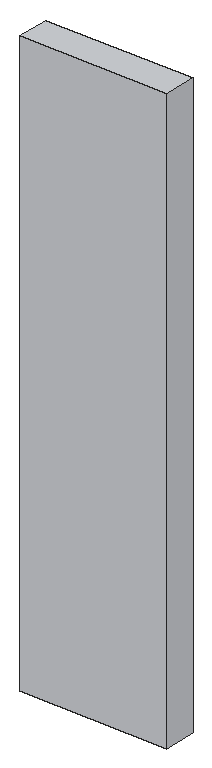
Revit family "CVC_Radiateur_Finimetal_Reggane-3000", category Equipement de génie climatique, Revit 2026
Family settings
  Cote de connecteur circulaire = Utiliser le diamètre
  Type d'élément = Normal
  Basée sur le plan de construction = Non
  Toujours verticalement = Oui
  Couper avec des vides une fois chargée = Non
  Conserver l'orientation des annotations = Non
  Partagée = Non
  Repère de localisation dans la pièce = Non
Parameters (values of type "20 V")
  Source = "CCTP lot 12 § 4.8.1"
  Modèle = "Reggane 3000"
  Fabricant = "Finimetal"
  Elévation par défaut = 0 mm
  Description = "Radiateur vertical (horizontaux : Finimetal panneau acier ≤ 170 mm)"
  Caractéristiques CCTP = "Panneau acier vertical double"
  A vérifier = "Largeur/hauteur selon la puissance de chaque local"
Types (2, lengths in mm): name | Caractéristiques CCTP
  10 V | "Panneau acier vertical simple"
  20 V | "Panneau acier vertical double"
Reference planes
  plane 1 "Centre (avant/arrière)": y = 0
  plane 2: z = 0
  plane 3 "Centre (gauche/droite)": x = 0
Forms (mm)
  Extrusion 1, solid
    sketch origin (0, 0, 0) x (1, 0, 0) y (0, 1, 0)
      loop
        line (-225, -50) -> (225, -50) -> (225, 50) -> (-225, 50) -> (-225, -50)
    from 0 to 1800
  Extrusion 2, solid
    sketch origin (0, 0, 1800) x (1, 0, 0) y (0, 1, 0)
      loop
        circle (-150, 0) r 7.5
    from 0 to 60
  Extrusion 3, solid
    sketch origin (0, 0, 1800) x (1, 0, 0) y (0, 1, 0)
      loop
        circle (150, 0) r 7.5
    from 0 to 60
Dimensions and locks
  aligned and locked: level to plane 2
Connectors
  piping at (-150, 0, 1860), diameter 15
    settings: on Extrusion 2, index 1, connector inside diameter 609.6 mm, connector length 0 mm, flow factor 0, pipe flow 0.0 L/s, pressure drop 0.0 Pa, fitting loss kfactor 0, connector angle 0.00°, fixture units 0, engagement length 0 mm, angle of deflection 0.00°, flow configuration 0, flow direction 0, fitting loss method 0, system type 7, joint type 0, gender type 0, connector reference index -1, connector utility 0, adjustable connector no, is connector primary yes, connector description "Aller"
  piping at (150, 0, 1860), diameter 15
    settings: on Extrusion 3, index 2, connector inside diameter 609.6 mm, connector length 0 mm, flow factor 0, pipe flow 0.0 L/s, pressure drop 0.0 Pa, fitting loss kfactor 0, connector angle 0.00°, fixture units 0, engagement length 0 mm, angle of deflection 0.00°, flow configuration 0, flow direction 0, fitting loss method 0, system type 8, joint type 0, gender type 0, connector reference index -1, connector utility 0, adjustable connector no, is connector primary no, connector description "Retour"
